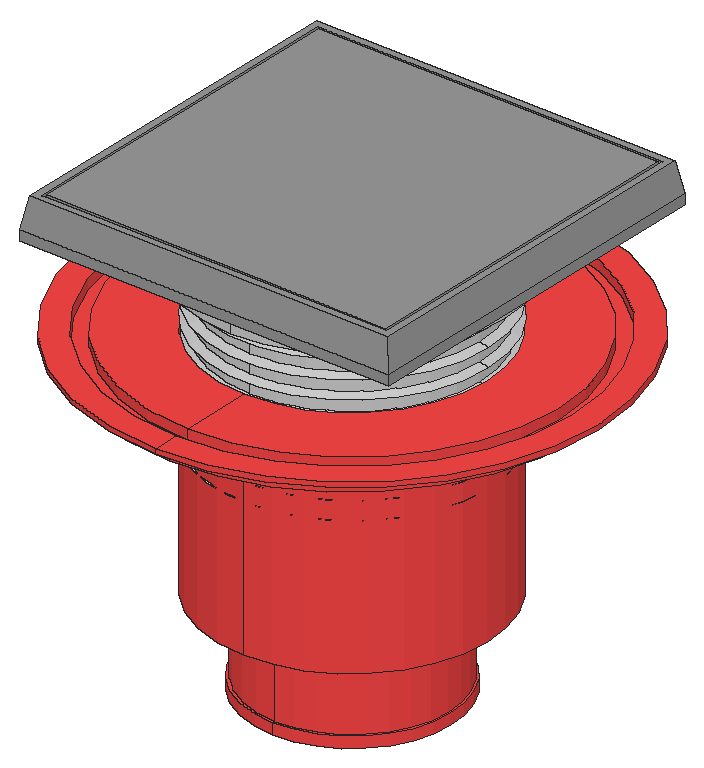
Revit family "HL Трап для внутренних помещенийHL310NPrG-SML", category Сантехнические приборы, Revit 2025
Family settings
  Размер круглого соединителя = Использовать диаметр
  Тип детали = Нормальный
  Номер OmniClass = 23.70.50.21.24.14
  Заголовок OmniClass = Deck Waste Water Drains
  На основе рабочей плоскости = Нет
  Отображать на видах в сечении = Нет
  Всегда вертикально = Да
  При загрузке вырезать с полостями = Нет
  Сохранять ориентацию аннотаций = Нет
  Общий = Да
  Точка принадлежности помещению = Да
Parameters (values of type "HL310KSML_50")
  РЕШЁТКА = "115 x 115 mm / V2A"
  РАЗМЕР = "DN50/75/110"
  ПРОПУСКНАЯ СПОСОБНОСТЬ = 0.67 L/s
  ПРОИЗВОДИТЕЛЬНОСТЬ = "0,67 l/s"
  ПРАВОВАЯ ИНФОРМАЦИЯ = "Авторские права(©), права на дизайн или какие либо другие права интелектуальной собственности являются исключительной собственностью компании HL Hutterer & Lechner. Изменению не подлежит. Файл семейства с данными о прозводителе изделия защищен паролем с водяным знаком."  # constant formula
  Нормы = "EN 1253-1"
  НОМИНАЛЬНЫЙ ДИАМЕТР [instance] = 50 mm
  НАСАДКА = "12-70 mm / 123 x 123 mm / PP"
  МАТЕРИАЛ = "PP, V2A"
  МАКСИМАЛЬНАЯ НАГРУЗКА КЛАССА = "K3 - 300 kg"
  ВЫСОТА МОНТАЖА = "163 mm"
  ВЕС = "0,72 [kg]"
  EAN = "9003076004638"
  Отметка по умолчанию = 0 mm
  Подключение к вентиляции = no
  Изготовитель = "HL Hutterer & Lechner GmbH"  # constant formula
  URL = "http://www.hutterer-lechner.com/ru/Products/catalog/floor-drains/attachments/HL310N.aspx"
  Подключение к сливной трубе = yes
  Подключение к горячей воде = no
  Описание = "Трап для внутренних помещений"
  Model = "HL310KSML_50"
  Комментарии к типоразмеру = "Корпус трапа для внутренних помещений DN50/75/110 вертикальный"
  Keynote = "HL310KSML_50"
  Высота монтажа [instance] = 136 mm
  DN_Test [instance] = if(or(НОМИНАЛЬНЫЙ ДИАМЕТР = 50 mm, НОМИНАЛЬНЫЙ ДИАМЕТР = 75 mm, НОМИНАЛЬНЫЙ ДИАМЕТР = 110 mm), 30 mm, 0 mm)  # 30 mm
  Подключение к холодной воде = no
  B [instance] = if(НОМИНАЛЬНЫЙ ДИАМЕТР = 110 mm, Высота монтажа - 41 mm, if(НОМИНАЛЬНЫЙ ДИАМЕТР = 75 mm, Высота монтажа - 5.5 mm, Высота монтажа))  # 136 mm
  A [instance] = if(B - 100 mm > 15 mm, B - 100 mm, 15 mm)  # 36 mm
Reference planes
  plane 1 "Center (Front/Back)": y = 0
  plane 2: z = 0
  plane 3 "Center (Left/Right)": x = 0
  plane 4 "Ball Joint Vertical": x = 25.45
  plane 5: z = -136
  plane 6: z = -136
Lines and regions (mm)
  model lines, style "InvisibleLines"
    curve 1: line (0, 0, 0) -> (0, 0, 975)
  reference lines
    curve 2: line (0, 0, -131.004) -> (0, 0, -136.004)
  model lines, detail levels coarse+medium
    curve 3: line (0, 0, -136) -> (0, 0, -100)
    curve 4: line (0, 0, -100) -> (100, 0, 0)
    curve 5: line (0, 0, -100) -> (-100, 0, 0)
  symbolic lines, style "InvisibleLines", not visible
    curve 6: line (0, 0, 0) -> (0, 0, -30)
  symbolic lines, detail levels coarse+medium
    curve 7: line (-75, 75, 0) -> (75, 75, 0)
    curve 8: line (-75, -75, 0) -> (-75, 75, 0)
    curve 9: line (75, -75, 0) -> (-75, -75, 0)
    curve 10: line (75, 75, 0) -> (75, -75, 0)
    curve 11: line (75, 75, 0) -> (145.711, 145.711, 0)
    curve 12: line (-75, 75, 0) -> (-145.711, 145.711, 0)
    curve 13: line (75, -75, 0) -> (145.711, -145.711, 0)
    curve 14: line (-75, -75, 0) -> (-145.711, -145.711, 0)
  symbolic lines, not visible, detail levels coarse+medium
    curve 15: line (97.767, 268.748, 0) -> (247.767, 268.748, 0)
    curve 16: line (97.767, 118.748, 0) -> (97.767, 268.748, 0)
    curve 17: line (247.767, 118.748, 0) -> (97.767, 118.748, 0)
    curve 18: line (247.767, 268.748, 0) -> (247.767, 118.748, 0)
    curve 19: line (247.767, 268.748, 0) -> (318.478, 339.459, 0)
    curve 20: line (97.767, 268.748, 0) -> (27.057, 339.459, 0)
    curve 21: line (247.767, 118.748, 0) -> (318.478, 48.037, 0)
    curve 22: line (97.767, 118.748, 0) -> (27.057, 48.037, 0)
Text (mm)
  text "FLOOR" at (-218.559, 0, -14.206), in view "вид строительства"
Dimensions and locks
  locked: plane 4 "Ball Joint Vertical" to plane 3 "Center (Left/Right)" at 25.45
  "Высота монтажа": plane 2 to plane 5
  "A": curve 5 to plane 6
  "B": curve 5 to plane 6
  "B": curve 4 to plane 6
  "B": plane 2 to plane 6
  "DN_Test": plane 2 to curve 6
  plane 2 to nested 1 = 92.986 mm
  locked: curve 4 to plane 3 "Center (Left/Right)" (angle 45.00°)
  locked: plane 3 "Center (Left/Right)" to curve 5 (angle 45.00°)
  aligned and locked: level to plane 2
  aligned and locked: plane 2 to curve 1
  aligned and locked: plane 3 "Center (Left/Right)" to curve 1
  aligned and locked: plane 3 "Center (Left/Right)" to curve 2
  aligned and locked: plane 3 "Center (Left/Right)" to curve 3
  aligned and locked: plane 3 "Center (Left/Right)" to curve 5
  aligned and locked: plane 6 to curve 3
  aligned and locked: plane 5 to nested 1
Automatic sketch dimensions
  curve 2 to plane 6 = 0.004 mm
  plane 6 to curve 2 = 4.996 mm
  level to curve 1 = 975 mm
Nested families
  nested 1: "HL-Корпус для трапа внутренних помещений-HL310KSML-50" at (0, 0, -0.017), type "HL310KSML-50"
  nested 2: "HL_Вкладыш сифона_HL2000" at (0, 0, 35.861), type "HL2000_Main Component"
  nested 3: "HL_Насадная деталь_HL037G.2E" at (0, 0, 54.285), type "HL037G.2E"
    with Высота монтажа 75 mm, RN 9, RL 58.5 mm, R yes, NL_Test yes, NL 95 mm
  nested 4: "HL_Решётка_HL037G.1E" at (0, 0, 54.285), type "HL037G.1E"
Connectors
  piping at (0, 0, -136.004), diameter 50, driven by "ПРОПУСКНАЯ СПОСОБНОСТЬ", driven by "НОМИНАЛЬНЫЙ ДИАМЕТР"
    settings: on curve 2, index 1, connector inside diameter 609.6 mm, connector length 0 mm, flow factor 0, pipe flow 0.67 L/s, pressure drop 0.0 Pa, fitting loss kfactor 0, connector angle 0.00°, fixture units 0, engagement length 0 mm, angle of deflection 0.00°, flow configuration 1, flow direction 2, fitting loss method 0, system type 16, joint type 0, gender type 0, connector reference index -1, connector utility 0, adjustable connector no, is connector primary yes, connector description ""
Definition of nested family "HL-Корпус для трапа внутренних помещений-HL310KSML-50"
  Parameters (values of type "HL310KSML-50")
    РАЗМЕР = "d50"
    ПРОИЗВОДИТЕЛЬНОСТЬ = ">0,5 l/s"
    ПРАВОВАЯ ИНФОРМАЦИЯ = "Авторские права(©), права на дизайн или какие либо другие права интелектуальной собственности являются исключительной собственностью компании HL Hutterer & Lechner. Изменению не подлежит. Файл семейства с данными о прозводителе изделия защищен паролем с водяным знаком."  # constant formula
    Нормы = "EN 1253"
    МАТЕРИАЛ = "PP"
    ВЫСОТА МОНТАЖА = "132 mm"
    ВЕС = "0,33 [kg]"
    Waste Connection = yes
    Default Elevation = 0 mm
    Vent Connection = no
    Manufacturer = "HL Hutterer & Lechner GmbH"  # constant formula
    URL = "https://www.hutterer-lechner.com/ru/Products/catalog/Floor-drains/vertical/flange/HL310KSML/50.aspx"
    Assembly Code = ""
    HW Connection = no
    Description = "Трап для внутренних помещений"
    Model = "HL310KSML-50"
    Type Comments = "Корпус трапа для внутренних помещений DN50/75/110 вертикальный"
    Keynote = "HL310KSML-50"
    EAN = "9003076052219"
    CW Connection = no
  Reference planes
    plane 1 "Center (Front/Back)": y = 0
    plane 2: z = 0
    plane 3 "Center (Left/Right)": x = 0
    plane 4 "Ball Joint Vertical": x = 25.45
  Forms (mm)
    Revolve 1, solid, detail levels fine
      sketch origin (0, 0, 0) x (0, 1, 0) y (0, 0, 1)
        loop
          line (54.997, 0) -> (54.997, -20) -> (52.897, -20) -> (52.897, -92.969) -> (20.821, -92.969) -> (20.821, -135.983) -> (22.621, -135.983) -> (22.621, -94.969) -> (27.121, -94.969) -> (27.121, -126.376) -> (35.181, -130.483) -> (40.181, -130.483) -> (40.181, -125.983) -> (39.197, -125.983) -> (39.197, -94.969) -> (54.997, -94.969) -> (54.997, -23.507) -> (58.197, -23.507) -> (58.197, -7.5) -> (77.9, -7.5) -> (92.9, -7.5) -> (92.9, -2) -> (100, -2) -> (100, 0) -> (89.685, 0) -> (89.685, -4) -> (83.685, -4) -> (83.685, 0) -> (54.997, 0)
        axis (0, 0) -> (0, -135.983)
      angle from 0 to 360
  Text (mm)
    text "ROOF/FLOOR" at (-198.233, 0, -26.556), in view "вид строительства"
  Dimensions and locks
    locked: plane 4 "Ball Joint Vertical" to plane 3 "Center (Left/Right)" at 25.45
    aligned and locked: level to plane 2
    aligned and locked: Revolve 1 sketch curve to plane 1 "Center (Front/Back)"
Definition of nested family "HL_Вкладыш сифона_HL2000"
  Parameters (values of type "HL2000_Main Component")
    ПРАВОВАЯ ИНФОРМАЦИЯ = "Авторские права(©), права на дизайн или какие либо другие права интелектуальной собственности являются исключительной собственностью компании HL Hutterer & Lechner. Изменению не подлежит. Файл семейства с данными о прозводителе изделия защищен паролем с водяным знаком."  # constant formula
    Default Elevation = 0 mm
    МАТЕРИАЛ = "PP/ABS"
    Assembly Code = "Main Component"
    ВЕС = "0,113 [kg]"
    Waste Connection = yes
    Vent Connection = no
    Manufacturer = "HL Hutterer & Lechner GmbH"  # constant formula
    URL = "http://www.hutterer-lechner.com/ru/products/catalog/floor-drains/attachments/HL2000.aspx"
    HW Connection = no
    EAN = "9003076004560"
    Description = "Трапы для внутренних помещений - Комплектующие"
    Model = "HL2000"
    Type Comments = "HL2000 Вкладыш запахозапирающий Primus"
    Keynote = "HL2000"
    CW Connection = no
  Reference planes
    plane 1 "Center (Front/Back)": y = 0
    plane 2: z = 0
    plane 3 "Center (Left/Right)": x = 0
    plane 4 "Ball Joint Vertical": x = 25.45
  Forms (mm)
    Revolve 1, solid, detail levels fine
      sketch origin (0, 0, 0) x (0, 1, 0) y (0, 0, 1)
        loop
          line (53, 0) -> (45, 0) -> (45, -68.5) -> (18, -68.5) -> (18, -15.003) -> (16, -15.003) -> (16, -70.5) -> (47, -70.5) -> (47, -21) -> (48.894, -21) -> (48.894, -14) -> (49.7, -14) -> (49.7, -2) -> (53, -2) -> (53, 0)
        axis (0, 0) -> (0, -70.5)
      angle from 0 to 360
    Extrusion 2, solid, detail levels fine
      sketch origin (0, 0, 0) x (1, 0, 0) y (0, 1, 0)
        loop
          line (-19.787, -11.726) -> (-17.395, -9.334) -> (-9.334, -17.395) -> (-11.726, -19.787)
          arc (-11.726, -19.787) -> (16.263, -16.263) -> (19.787, 11.726) r 23
          line (19.787, 11.726) -> (17.395, 9.334) -> (9.334, 17.395) -> (11.726, 19.787)
          arc (11.726, 19.787) -> (-16.263, 16.263) -> (-19.787, -11.726) r 23
      from -78 to -79.5
    Extrusion 3, solid, detail levels fine
      sketch origin (0, 0, 0) x (1, 0, 0) y (0, 1, 0)
        loop
          line (13.011, 21.072) -> (9.334, 17.395) -> (17.395, 9.334) -> (21.072, 13.011) -> (13.011, 21.072)
        loop
          line (-17.395, -9.334) -> (-21.072, -13.011) -> (-13.011, -21.072) -> (-9.334, -17.395) -> (-17.395, -9.334)
      from -68.5 to -79.5
    Revolve 4, solid, detail levels fine
      sketch origin (0, 0, 0) x (0, 1, 0) y (0, 0, 1)
        loop
          line (40, -13.503) -> (0, -13.503) -> (0, -15.003) -> (25, -15.003) -> (25, -68.5) -> (40, -68.5) -> (40, -13.503)
        axis (0, -13.503) -> (0, -68.5)
      angle from 0 to 360
    Revolve 5, solid, detail levels fine
      sketch origin (0, 0, 0) x (0, 1, 0) y (0, 0, 1)
        loop
          arc (49.7, -10.402) -> (50.661, -8.7) -> (49.7, -6.998) r 1.988
          line (49.7, -6.998) -> (49.7, -10.402)
        axis (0, -6.998) -> (0, -10.402)
      angle from 0 to 360
  Cuts and joins
    joined: Revolve 1, Extrusion 2, Extrusion 3, Revolve 4
  Text (mm)
    text "ROOF/FLOOR" at (-198.233, 0, -26.556), in view "Drain Construction View"
    text "HL_GRATE FRAME LENGTH  must be between\n12 and 70 mm. Use extension to prolong. " at (88.527, 0, -8.583), in view "Drain Construction View"
  Dimensions and locks
    locked: plane 4 "Ball Joint Vertical" to plane 3 "Center (Left/Right)" at 25.45
    aligned and locked: level to plane 2
Definition of nested family "HL_Насадная деталь_HL037G.2E"
  Parameters
    РАЗМЕР = "d 110 mm"
    ПРАВОВАЯ ИНФОРМАЦИЯ = "Авторские права(©), права на дизайн или какие либо другие права интелектуальной собственности являются исключительной собственностью компании HL Hutterer & Lechner. Изменению не подлежит. Файл семейства с данными о прозводителе изделия защищен паролем с водяным знаком."  # constant formula
    НАСАДКА = "150x150mm"
    МАКСИМАЛЬНАЯ НАГРУЗКА КЛАССА = "A/L15 - 1,5 t"
    Высота монтажа [instance] = 75 mm
    ВЕС = "2,03 [kg]"
    Waste Connection = yes
    Default Elevation = 0 mm
    Vent Connection = no
    RD = 6.5 mm  # constant formula
    R [instance] = ((Высота монтажа - NL_Min) / RD - 1) > 2  # yes
    RL [instance] = RD * RN  # 58.5 mm
    NL_Test [instance] = and(or(Высота монтажа < NL_Max, Высота монтажа = NL_Max), or(Высота монтажа > NL_Min, Высота монтажа = NL_Min))  # yes
    NL_Min = 30 mm
    NL_Max = 95 mm
    NL [instance] = if(NL_Test, Высота монтажа + 20 mm, 0 mm)  # 95 mm
    RN [instance] = if((Высота монтажа + 20 mm - NL_Min) / RD - 1 < 2, 2, (Высота монтажа + 20 mm - NL_Min) / RD - 1)  # 9
    Manufacturer = "HL Hutterer & Lechner GmbH"  # constant formula
    URL = "http://www.hutterer-lechner.com/ru/Products/catalog/floor-drains/attachments/HL037G.2E.aspx"
    HW Connection = no
    Description = "Трапы для внутренних помещений - Комплектующие"
    Model = "HL037G.2E"
    Type Comments = "HL037G.2E Подрамники d 110 мм из чугуна 150х150 мм"
    Keynote = "HL037G.2E"
    EAN = "9003076025404"
    CW Connection = no
  Reference planes
    plane 1 "Center (Front/Back)": y = 0
    plane 2: z = 0
    plane 3 "Center (Left/Right)": x = 0
    plane 4 "Ball Joint Vertical": x = 25.45
    plane 5: z = -95
  Forms (mm)
    Extrusion 1, solid, detail levels fine
      sketch origin (0, 0, 0) x (1, 0, 0) y (0, 1, 0)
        loop
          line (-75, 75) -> (-75, -75) -> (75, -75) -> (75, 75) -> (-75, 75)
        loop
          circle (0, 0) r 50.15
      from -12 to -16
    Sweep 2, solid, detail levels fine
      path in 3D
        loop
          line (-75, 75, -12) -> (-75, -75, -12) -> (75, -75, -12) -> (75, 75, -12) -> (-75, 75, -12)
      profile origin (0, 75, -12) x (0, -1, 0) y (0, 0, 1)
        loop
          line (2.116, 12) -> (0, 0) -> (15, 0) -> (15, 4) -> (5, 4) -> (5, 12) -> (2.116, 12)
    Extrusion 3, solid, detail levels fine
      sketch origin (0, 0, 0) x (1, 0, 0) y (0, 1, 0)
        loop
          line (-60, 60) -> (-60, -60) -> (60, -60) -> (60, 60) -> (-60, 60)
        loop
          circle (0, 0) r 50.5
      from -8 to -12
    Revolve 4, solid, detail levels fine
      sketch origin (0, 0, 0) x (0, 1, 0) y (0, 0, 1)
        loop
          line (64.5, -16) -> (62.224, -16) -> (59.8, -18.424) -> (59.8, -27.8) -> (50.15, -27.8) -> (50.15, -29.5) -> (50.15, -95) -> (51.85, -95) -> (51.85, -29.5) -> (61.5, -29.5) -> (61.5, -19) -> (64.5, -16)
        axis (0, -16) -> (0, -95)
      angle from 0 to 360
  Cuts and joins
    joined: Extrusion 1, Sweep 2, Extrusion 3
  Lines and regions (mm)
    symbolic lines
      curve 1: line (0, 0, -95) -> (0, 0, 0)
    sketch lines
      curve 2: line (75, 75, -12) -> (-75, 75, -12)
      curve 3: line (75, -75, -12) -> (75, 75, -12)
      curve 4: line (-75, -75, -12) -> (75, -75, -12)
      curve 5: line (-75, 75, -12) -> (-75, -75, -12)
  Text (mm)
    text "ROOF/FLOOR" at (-198.233, 0, -26.556), in view "Drain Construction View"
  Dimensions and locks
    locked: plane 4 "Ball Joint Vertical" to plane 3 "Center (Left/Right)" at 25.45
    "NL": plane 2 to plane 5
    equal spacing: group 1, group 3, group 4, group 5, group 6, group 7, group 8, group 9, group 2  (x3)
    "RL": nested 2 to nested 1
    locked: nested 1 to plane 5 at 1.516
    aligned and locked: level to plane 2
    aligned and locked: plane 3 "Center (Left/Right)" to nested 1
    aligned and locked: plane 1 "Center (Front/Back)" to nested 1
    aligned and locked: plane 2 to curve 1
    aligned and locked: plane 5 to curve 1
    aligned and locked: plane 5 to Revolve 4
  Automatic sketch dimensions
    curve 1 to plane 4 "Ball Joint Vertical" = 25.45 mm
    Extrusion 1 sketch curve to Extrusion 1 sketch curve = 0 mm  (x2)
    plane 1 "Center (Front/Back)" to Extrusion 1 sketch curve = 0 mm
    Extrusion 1 sketch curve to plane 3 "Center (Left/Right)" = 0 mm
    Extrusion 1 sketch curve to plane 3 "Center (Left/Right)" = 75 mm
    plane 4 "Ball Joint Vertical" to Extrusion 1 sketch curve = 49.55 mm
    plane 1 "Center (Front/Back)" to Extrusion 1 sketch curve = 75 mm
    Extrusion 1 sketch curve to plane 1 "Center (Front/Back)" = 75 mm
    plane 1 "Center (Front/Back)" to Extrusion 1 sketch curve = 5.198 mm
    Extrusion 1 sketch curve to plane 3 "Center (Left/Right)" = 49.88 mm
    Extrusion 1 sketch curve to plane 1 "Center (Front/Back)" = 5.198 mm
    Sweep 2 sketch curve to profile plane = 0 mm  (x2)
    Sweep 2 sketch curve to profile plane = 2.116 mm
    Sweep 2 sketch curve to Sweep 2 sketch curve = 2.884 mm
    profile plane to Sweep 2 sketch curve = 4 mm
    Sweep 2 sketch curve to Sweep 2 sketch curve = 10 mm
    Sweep 2 sketch curve to Sweep 2 sketch curve = 8 mm
    Extrusion 3 sketch curve to Extrusion 3 sketch curve = 0 mm  (x2)
    plane 1 "Center (Front/Back)" to Extrusion 3 sketch curve = 0 mm
    Extrusion 3 sketch curve to plane 3 "Center (Left/Right)" = 0 mm
    Extrusion 3 sketch curve to plane 3 "Center (Left/Right)" = 60 mm
    plane 4 "Ball Joint Vertical" to Extrusion 3 sketch curve = 34.55 mm
    plane 1 "Center (Front/Back)" to Extrusion 3 sketch curve = 60 mm
    Extrusion 3 sketch curve to plane 1 "Center (Front/Back)" = 60 mm
    Extrusion 3 sketch curve to plane 1 "Center (Front/Back)" = 5.234 mm
    Extrusion 3 sketch curve to plane 3 "Center (Left/Right)" = 50.228 mm
    plane 1 "Center (Front/Back)" to Extrusion 3 sketch curve = 5.234 mm
    Revolve 4 sketch curve to plane 1 "Center (Front/Back)" = 0 mm
    Revolve 4 sketch curve to plane 1 "Center (Front/Back)" = 50.15 mm
    Revolve 4 sketch curve to Revolve 4 sketch curve = 1.7 mm  (x3)
    Revolve 4 sketch curve to Revolve 4 sketch curve = 7.95 mm
    Revolve 4 sketch curve to level = 16 mm
    Revolve 4 sketch curve to Revolve 4 sketch curve = 0.724 mm
    Revolve 4 sketch curve to Revolve 4 sketch curve = 2.276 mm
    Revolve 4 sketch curve to Revolve 4 sketch curve = 2.424 mm
    Revolve 4 sketch curve to Revolve 4 sketch curve = 0.576 mm
    Revolve 4 sketch curve to Revolve 4 sketch curve = 9.376 mm
    Revolve 4 sketch curve to Revolve 4 sketch curve = 0 mm
    Revolve 4 sketch curve to plane 5 = 0 mm
    Revolve 4 sketch curve to plane 5 = 60 mm
    level to Revolve 4 sketch curve = 50 mm
  Nested families
    nested 1: "Ring" at (0, 0, -93.484), visible <- "R", type "Ring"
    nested 2: "Ring" at (0, 0, -34.984), visible <- "R", type "Ring"
    nested 3: "Ring" at (0, 0, -86.171), visible <- "R", type "Ring"
    nested 4: "Ring" at (0, 0, -78.859), visible <- "R", type "Ring"
    nested 5: "Ring" at (0, 0, -71.546), visible <- "R", type "Ring"
    nested 6: "Ring" at (0, 0, -64.234), visible <- "R", type "Ring"
    nested 7: "Ring" at (0, 0, -56.921), visible <- "R", type "Ring"
    nested 8: "Ring" at (0, 0, -49.609), visible <- "R", type "Ring"
    nested 9: "Ring" at (0, 0, -42.296), visible <- "R", type "Ring"
  Definition of nested family "Ring"
    Parameters (values of type "Ring")
      Manufacturer = ""
      Default Elevation = 0 mm
      URL = ""
      R = D / 2  # 51.5 mm
      Description = ""
      Model = ""
      Material = none
      Type Comments = ""
      D = 103 mm
      Cost = 0
    Reference planes
      plane 1 "Střed (vpředu/vzadu)": y = 0
      plane 2: z = 0
      plane 3 "Střed (vlevo/vpravo)": x = 0
    Forms (mm)
      Revolve 1, solid, material <- "Material", detail levels fine
        sketch origin (0, 0, 0) x (1, 0, 0) y (0, 0, 1)
          loop
            line (-51.5, 1.482) -> (-54.764, 0) -> (-51.5, -1.516) -> (-51.5, 1.482)
          axis (0, 1.482) -> (0, -1.516)
        angle from 0 to 360
    Dimensions and locks
      "R": Revolve 1 sketch curve to plane 3 "Střed (vlevo/vpravo)"
      aligned and locked: level to plane 2
      aligned and locked: Revolve 1 sketch curve to plane 3 "Střed (vlevo/vpravo)"
    Automatic sketch dimensions
      Revolve 1 sketch curve to level = 0 mm
      Revolve 1 sketch curve to Revolve 1 sketch curve = 3.264 mm
      Revolve 1 sketch curve to level = 1.516 mm
      level to Revolve 1 sketch curve = 1.482 mm
      Revolve 1 sketch curve to level = 381 mm
      Revolve 1 sketch curve to Revolve 1 sketch curve = 2212.833 mm
Definition of nested family "HL_Решётка_HL037G.1E"
  Parameters (values of type "HL037G.1E")
    РАЗМЕР = "137x137mm"
    ПРАВОВАЯ ИНФОРМАЦИЯ = "Авторские права(©), права на дизайн или какие либо другие права интелектуальной собственности являются исключительной собственностью компании HL Hutterer & Lechner. Изменению не подлежит. Файл семейства с данными о прозводителе изделия защищен паролем с водяным знаком."  # constant formula
    МАТЕРИАЛ = "Gusseisen"
    МАКСИМАЛЬНАЯ НАГРУЗКА КЛАССА = "A/L15 - 1,5 t"
    ВЕС = "0,91 [kg]"
    Waste Connection = yes
    Default Elevation = 0 mm
    Vent Connection = no
    Manufacturer = "HL Hutterer & Lechner GmbH"  # constant formula
    URL = "http://www.hutterer-lechner.com/ru/Products/catalog/floor-drains/attachments/HL037G.1E.aspx"
    HW Connection = no
    Description = "Трапы для внутренних помещений - Комплектующие"
    Model = "HL037G.1E"
    Type Comments = "HL037G.1E Чугунные решетки для сливных отверстий 137х137мм"
    Keynote = "HL037G.1E"
    EAN = "9003076009046"
    CW Connection = no
  Reference planes
    plane 1 "Center (Front/Back)": y = 0
    plane 2: z = 0
    plane 3 "Center (Left/Right)": x = 0
    plane 4 "Ball Joint Vertical": x = 25.45
  Forms (mm)
    Extrusion 1, solid, detail levels fine
      sketch origin (0, 0, 0) x (1, 0, 0) y (0, 1, 0)
        loop
          line (-69, 69) -> (-69, -69) -> (69, -69) -> (69, 69) -> (-69, 69)
      from 0 to -8
  Lines and regions (mm)
    model lines, detail levels fine
      curve 1: line (-8.15, 4.25, 0) -> (-8.15, -4.25, 0)
      curve 2: line (-6.4, 1.625, 0) -> (-6.4, 4.25, 0)
      curve 3: line (-2.65, 0.875, 0) -> (-5.65, 0.875, 0)
      curve 4: line (-5.65, -0.875, 0) -> (-2.65, -0.875, 0)
      curve 5: line (-6.4, -4.25, 0) -> (-6.4, -1.625, 0)
      curve 6: line (-0.15, -4.25, 0) -> (-0.15, 4.25, 0)
      curve 7: line (1.65, 4.25, 0) -> (1.65, -4.25, 0)
      curve 8: line (3.4, -2.5, 0) -> (3.4, 4.25, 0)
      curve 9: line (7.4, -3.25, 0) -> (4.15, -3.25, 0)
      curve 10: line (2.4, -5, 0) -> (7.4, -5, 0)
      curve 11: arc (-8.15, -4.25, 0) -> (-7.275, -5.125, 0) -> (-6.4, -4.25, 0) r 0.875
      curve 12: arc (-8.15, 4.25, 0) -> (-7.275, 5.125, 0) -> (-6.4, 4.25, 0) r 0.875
      curve 13: arc (-6.4, 1.625, 0) -> (-6.18, 1.095, 0) -> (-5.65, 0.875, 0) r 0.75
      curve 14: arc (-5.65, -0.875, 0) -> (-6.18, -1.095, 0) -> (-6.4, -1.625, 0) r 0.75
      curve 15: arc (-2.65, -0.875, 0) -> (-2.12, -1.095, 0) -> (-1.9, -1.625, 0) r 0.75
      curve 16: arc (-2.65, 0.875, 0) -> (-2.12, 1.095, 0) -> (-1.9, 1.625, 0) r 0.75
      curve 17: arc (-1.9, 4.25, 0) -> (-1.025, 5.125, 0) -> (-0.15, 4.25, 0) r 0.875
      curve 18: arc (1.65, 4.25, 0) -> (2.525, 5.125, 0) -> (3.4, 4.25, 0) r 0.875
      curve 19: arc (7.4, -3.25, 0) -> (8.275, -4.125, 0) -> (7.4, -5, 0) r 0.875
      curve 20: arc (4.15, -3.25, 0) -> (3.62, -3.03, 0) -> (3.4, -2.5, 0) r 0.75
      curve 21: arc (1.65, -4.25, 0) -> (1.87, -4.78, 0) -> (2.4, -5, 0) r 0.75
      curve 22: arc (-1.9, -4.25, 0) -> (-1.025, -5.125, 0) -> (-0.15, -4.25, 0) r 0.875
      curve 23: line (-1.9, -1.625, 0) -> (-1.9, -4.25, 0)
      curve 24: line (-1.9, 1.625, 0) -> (-1.9, 4.25, 0)
      curve 25: line (-10.607, 16.263, 0) -> (-28.989, 34.646, 0)
      curve 26: line (-34.646, 28.989, 0) -> (-16.263, 10.607, 0)
      curve 27: line (-21.211, 38.181, 0) -> (-12.021, 28.991, 0)
      curve 28: line (-6.364, 34.648, 0) -> (-15.554, 43.838, 0)
      curve 29: line (-28.991, 12.021, 0) -> (-38.181, 21.211, 0)
      curve 30: line (-43.838, 15.554, 0) -> (-34.648, 6.364, 0)
      curve 31: arc (-43.838, 15.554, 0) -> (-43.838, 21.211, 0) -> (-38.181, 21.211, 0) r 4
      curve 32: arc (-28.991, 12.021, 0) -> (-28.991, 6.364, 0) -> (-34.648, 6.364, 0) r 4
      curve 33: arc (-34.646, 28.989, 0) -> (-34.646, 34.646, 0) -> (-28.989, 34.646, 0) r 4
      curve 34: arc (-16.263, 10.607, 0) -> (-10.607, 10.607, 0) -> (-10.607, 16.263, 0) r 4
      curve 35: arc (-12.021, 28.991, 0) -> (-6.364, 28.991, 0) -> (-6.364, 34.648, 0) r 4
      curve 36: arc (-21.211, 38.181, 0) -> (-21.211, 43.838, 0) -> (-15.554, 43.838, 0) r 4
      curve 37: line (16.263, 10.607, 0) -> (34.646, 28.989, 0)
      curve 38: line (28.989, 34.646, 0) -> (10.607, 16.263, 0)
      curve 39: line (38.181, 21.211, 0) -> (28.991, 12.021, 0)
      curve 40: line (34.648, 6.364, 0) -> (43.838, 15.554, 0)
      curve 41: line (12.021, 28.991, 0) -> (21.211, 38.181, 0)
      curve 42: line (15.554, 43.838, 0) -> (6.364, 34.648, 0)
      curve 43: arc (15.554, 43.838, 0) -> (21.211, 43.838, 0) -> (21.211, 38.181, 0) r 4
      curve 44: arc (12.021, 28.991, 0) -> (6.364, 28.991, 0) -> (6.364, 34.648, 0) r 4
      curve 45: arc (28.989, 34.646, 0) -> (34.646, 34.646, 0) -> (34.646, 28.989, 0) r 4
      curve 46: arc (10.607, 16.263, 0) -> (10.607, 10.607, 0) -> (16.263, 10.607, 0) r 4
      curve 47: arc (28.991, 12.021, 0) -> (28.991, 6.364, 0) -> (34.648, 6.364, 0) r 4
      curve 48: arc (38.181, 21.211, 0) -> (43.838, 21.211, 0) -> (43.838, 15.554, 0) r 4
      curve 49: line (-10.607, -16.263, 0) -> (-28.989, -34.646, 0)
      curve 50: line (-34.646, -28.989, 0) -> (-16.263, -10.607, 0)
      curve 51: line (-21.211, -38.181, 0) -> (-12.021, -28.991, 0)
      curve 52: line (-6.364, -34.648, 0) -> (-15.554, -43.838, 0)
      curve 53: line (-28.991, -12.021, 0) -> (-38.181, -21.211, 0)
      curve 54: line (-43.838, -15.554, 0) -> (-34.648, -6.364, 0)
      curve 55: arc (-43.838, -15.554, 0) -> (-43.838, -21.211, 0) -> (-38.181, -21.211, 0) r 4
      curve 56: arc (-28.991, -12.021, 0) -> (-28.991, -6.364, 0) -> (-34.648, -6.364, 0) r 4
      curve 57: arc (-34.646, -28.989, 0) -> (-34.646, -34.646, 0) -> (-28.989, -34.646, 0) r 4
      curve 58: arc (-16.263, -10.607, 0) -> (-10.607, -10.607, 0) -> (-10.607, -16.263, 0) r 4
      curve 59: arc (-12.021, -28.991, 0) -> (-6.364, -28.991, 0) -> (-6.364, -34.648, 0) r 4
      curve 60: arc (-21.211, -38.181, 0) -> (-21.211, -43.838, 0) -> (-15.554, -43.838, 0) r 4
      curve 61: line (16.263, -10.607, 0) -> (34.646, -28.989, 0)
      curve 62: line (28.989, -34.646, 0) -> (10.607, -16.263, 0)
      curve 63: line (38.181, -21.211, 0) -> (28.991, -12.021, 0)
      curve 64: line (34.648, -6.364, 0) -> (43.838, -15.554, 0)
      curve 65: line (12.021, -28.991, 0) -> (21.211, -38.181, 0)
      curve 66: line (15.554, -43.838, 0) -> (6.364, -34.648, 0)
      curve 67: arc (15.554, -43.838, 0) -> (21.211, -43.838, 0) -> (21.211, -38.181, 0) r 4
      curve 68: arc (12.021, -28.991, 0) -> (6.364, -28.991, 0) -> (6.364, -34.648, 0) r 4
      curve 69: arc (28.989, -34.646, 0) -> (34.646, -34.646, 0) -> (34.646, -28.989, 0) r 4
      curve 70: arc (10.607, -16.263, 0) -> (10.607, -10.607, 0) -> (16.263, -10.607, 0) r 4
      curve 71: arc (28.991, -12.021, 0) -> (28.991, -6.364, 0) -> (34.648, -6.364, 0) r 4
      curve 72: arc (38.181, -21.211, 0) -> (43.838, -21.211, 0) -> (43.838, -15.554, 0) r 4
    model lines
      curve 73: line (0, 0, 0) -> (0, 0, 100)
  Text (mm)
    text "ROOF/FLOOR" at (-198.233, 0, -26.556), in view "Drain Construction View"
  Dimensions and locks
    locked: plane 4 "Ball Joint Vertical" to plane 3 "Center (Left/Right)" at 25.45
    aligned and locked: level to plane 2
